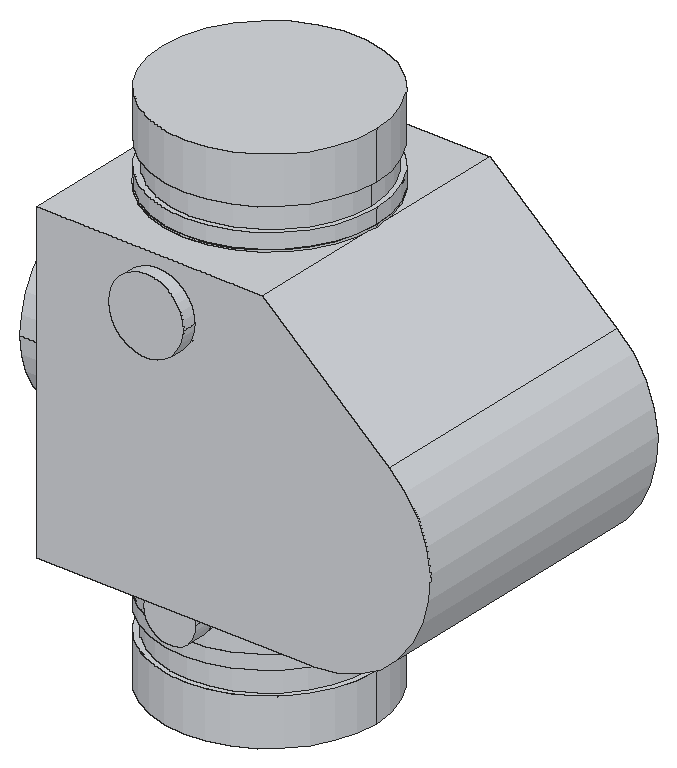
Revit family "25CK", category Generic Models, Revit 2016
Family settings
  Part Type = Normal
  Can host rebar = No
  Round Connector Dimension = Use Diameter
  Work Plane-Based = No
  Always vertical = Yes
  Cut with Voids When Loaded = No
  Shared = No
  Room Calculation Point = No
Reference planes (in)
  plane 1 "Center (Front/Back)": y = 0
  plane 2: z = 0
  plane 3 "Center (Left/Right)": x = 0
Dimensions and locks (in)
  aligned and locked: plane 2 to level
Nested families (in)
  nested 1: "RASCO- 25CK" at (0, 0.48548, 0), type "RASCO MODEL G SWING CHECK"
Connectors (in)
  piping at (-0.00346, 0.49535, 7.11936), diameter 2.5
    settings: on nested 1, index 1, connector inside diameter 24", connector length 0' - 0", flow factor 0, pipe flow 0 GPM, pressure drop 0.00 psi, fitting loss kfactor 0, connector angle 0.00°, fixture units 0, engagement length 0' - 0", angle of deflection 0.00°, flow configuration 0, flow direction 0, fitting loss method 0, system type 7, joint type 0, gender type 0, connector reference index -1, connector utility 0, adjustable connector no, is connector primary yes, connector description ""
  piping at (0, 0.48548, 0), diameter 2.5
    settings: on nested 1, index 2, connector inside diameter 24", connector length 0' - 0", flow factor 0, pipe flow 0 GPM, pressure drop 0.00 psi, fitting loss kfactor 0, connector angle 0.00°, fixture units 0, engagement length 0' - 0", angle of deflection 0.00°, flow configuration 0, flow direction 0, fitting loss method 0, system type 7, joint type 0, gender type 0, connector reference index -1, connector utility 0, adjustable connector no, is connector primary no, connector description ""
Definition of nested family "RASCO- 25CK"
  Reference planes (in)
    plane 1 "Center (Front/Back)": y = 0
    plane 2: z = 0
    plane 3 "Center (Left/Right)": x = 0
    plane 4 "ref.2": z = 0.62514
    plane 5: z = 7.125
    plane 6 "name": y = -3.125
    plane 7 "REF3": z = 0.93714
    plane 8: x = -11.38
  Forms (in)
    Extrusion 1, solid
      sketch origin (0, 0, 0) x (1, 0, 0) y (0, 1, 0)
        loop
          circle (0, 0) r 1.4325
      from 0 to 0.625
    Extrusion 2, solid
      sketch origin (0, 0, 0.62514) x (-1, 0, 0) y (0, -1, 0)
        loop
          circle (0, 0) r 1.43752
      from 0.512 to 5.35722
    Extrusion 3, solid
      sketch origin (0, 0, 0) x (0, 1, 0) y (0, 0, 1)
        loop
          circle (0, 3.875) r 1.25
      from 0 to -2.3366
    Extrusion 4, solid
      sketch origin (0, 0, -0.01919) x (-1, 0, 0) y (0, 0, -1)
        loop
          line (-3.13032, -4.51429) -> (-1.4308, -5.98186) -> (1.59547, -5.98186) -> (1.59547, -1.76919) -> (-2.062, -1.76919) -> (-2.10912, -1.76919)
          arc (-2.10912, -1.76919) -> (-3.57357, -2.7869) -> (-3.13032, -4.51429) r 1.5625
      from -1.90793 to 1.89249
    Extrusion 5, solid
      sketch origin (0, 0, 0.62514) x (-1, 0, 0) y (0, -1, 0)
        loop
          circle (0, 0) r 1.36
      from 0 to 0.312
    Extrusion 6, solid
      sketch origin (0, 0, 0.93714) x (-1, 0, 0) y (0, -1, 0)
        loop
          circle (0, 0) r 1.4325
      from 0 to 0.2
    Extrusion 7, solid
      sketch origin (-0.00346, 0.00987, 6.49436) x (0, 1, 0) y (-1, 0, 0)
        loop
          circle (0, 0) r 1.4325
      from 0 to 0.625
    Extrusion 8, solid
      sketch origin (0.00354, 0.00987, 6.18236) x (0, -1, 0) y (1, 0, 0)
        loop
          circle (0, 0) r 1.36
      from 0 to 0.312
    Extrusion 9, solid
      sketch origin (-0.0017, 0.00987, 5.98236) x (0, -1, 0) y (1, 0, 0)
        loop
          circle (0, 0) r 1.4325
      from 0 to 0.2
    Extrusion 10, solid
      sketch origin (0, 0, 0) x (1, 0, 0) y (0, 0, 1)
        loop
          circle (0.01134, 5.30159) r 0.5
      from 0 to 2.07595
    Extrusion 11, solid
      sketch origin (0, 0, 0) x (1, 0, 0) y (0, 0, 1)
        loop
          circle (0, 1.51422) r 0.35
      from 0 to 1.66216
    Extrusion 12, solid
      sketch origin (0, 0, 0) x (0, 1, 0) y (0, 0, 1)
        loop
          circle (0, 1.51422) r 0.35
      from 0 to -1.68669
  Dimensions and locks (in)
    radius of Extrusion 1 sketch curve = 0' - 1.4325"
    radius of Extrusion 7 sketch curve = 0' - 1.4325"
    aligned and locked: plane 2 to level
